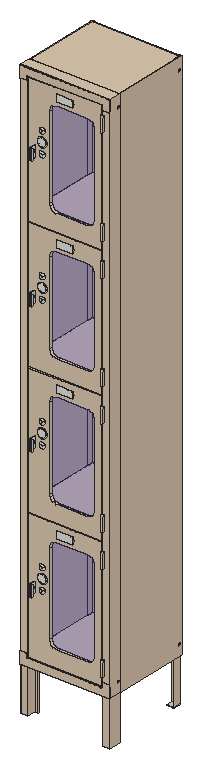
Revit family "Metal_Lockers-Salsbury_Industries-S_64000_Series-1_Wide_Units", category Specialty Equipment, Revit 2016 (continued)
Definition of nested family "Metal Locker Front Filler"
  Automatic sketch dimensions
    plane 7 "Right Side of Filler" to Extrusion 4 sketch curve = 1.70524"
    plane 7 "Right Side of Filler" to Extrusion 4 sketch curve = 0.77824"
Definition of nested family "Metal Locker Flat Top Filler"
  Parameters (values of type "77842 - for 12" Deep Lockers (15" W)")
    Width = 16.250"
    Visible = yes
    Version = "1.0 (11/30/15)"
    Type Comments = "Flat Top Filler for Standard Metal Lockers"
    Primary Structure Material = none
    Model = "77842"
    MasterFormat Title = ""
    MasterFormat Number = ""
    Manufacturer = "Salsbury Industries"
    Height = 1.003"
    Description = "15\"W Flat Top In-Line Filler"
    Depth = 12.118"
    Assembly Code = ""
  Types (7): name | Width | Visible | Model | Depth
    77842 - for 12" Deep Lockers (15" W) | 16.250" | yes | "77842" | 12.118"
    77842 - for 12" Deep Lockers (9" W) | 10.250" | yes | "77842" | 12.118"
    77845 - for 15" Deep Lockers (15" W) | 16.250" | yes | "77845" | 15.118"
    77845 - for 15" Deep Lockers (9" W) | 10.250" | yes | "77845" | 15.118"
    77848 - for 18" Deep Lockers (15" W) | 16.250" | yes | "77848" | 18.118"
    77848 - for 18" Deep Lockers (9" W) | 10.250" | yes | "77848" | 18.118"
    None | 16.250" | no | "" | 12.118"
  Reference planes (in)
    plane 1 "Center (Front/Back)": y = -2.167
    plane 2: z = 0
    plane 3 "Center (Left/Right)": x = -4.595
    plane 4 "Bottom of Panel": z = 0
    plane 5 "Top of Panel": z = 1.003
    plane 6 "Front of Panel": y = -8.226
    plane 7 "Right Side of Enclosure": x = 3.53
    plane 8 "Left Side of Enclosure": x = -12.72
    plane 9 "Back of Panel": y = 3.892
    plane 10: z = 0.5015
  Forms (in)
    Extrusion 1, solid, material <- "Primary Structure Material", visible <- "Visible"
      sketch origin (-4.595, 0, 0) x (0, 1, 0) y (0, 0, 1)
        loop
          line (-8.226, 0) -> (-8.178, 0) -> (-8.178, 0.955) -> (3.892, 0.955) -> (3.892, 1.003) -> (-8.226, 1.003) -> (-8.226, 0)
      from -8.125 to 8.125
  Dimensions and locks (in)
    equal spacing: plane 6 "Front of Panel", plane 1 "Center (Front/Back)", plane 9 "Back of Panel"
    "Depth": plane 6 "Front of Panel" to plane 9 "Back of Panel"
    equal spacing: plane 8 "Left Side of Enclosure", plane 3 "Center (Left/Right)", plane 7 "Right Side of Enclosure"
    "Width": plane 8 "Left Side of Enclosure" to plane 7 "Right Side of Enclosure"
    equal spacing: plane 5 "Top of Panel", plane 10, plane 2
    "Height": plane 5 "Top of Panel" to plane 2
    aligned and locked: level to plane 2
    aligned and locked: Extrusion 1 to plane 7 "Right Side of Enclosure"
    aligned and locked: plane 8 "Left Side of Enclosure" to Extrusion 1
    aligned and locked: plane 6 "Front of Panel" to Extrusion 1
    aligned and locked: Extrusion 1 to plane 9 "Back of Panel"
  Automatic sketch dimensions
    plane 5 "Top of Panel" to Extrusion 1 sketch curve = 0.000"
    Extrusion 1 sketch curve to plane 6 "Front of Panel" = 0.000"
    Extrusion 1 sketch curve to level = 0.000"
    Extrusion 1 sketch curve to plane 9 "Back of Panel" = 0.000"
    Extrusion 1 sketch curve to plane 6 "Front of Panel" = 0.048"
    plane 5 "Top of Panel" to Extrusion 1 sketch curve = 0.048"
Definition of nested family "Metal Locker Flat Corner Filler"
  Parameters (values of type "77832 - for 12" Deep Lockers")
    Width = 12.625"
    Visible = yes
    Version = "1.0 (11/30/15)"
    Type Comments = "Flat Top Corner Filler for Standard Metal Lockers"
    Primary Structure Material = none
    Model = "77832"
    MasterFormat Title = ""
    MasterFormat Number = ""
    Manufacturer = "Salsbury Industries"
    Height = 0.048"
    Description = "12\"W Flat Top Corner Filler"
    Depth = 12.625"
    Assembly Code = ""
  Types (4): name | Width | Visible | Model | Description | Depth
    77832 - for 12" Deep Lockers | 12.625" | yes | "77832" | "12\"W Flat Top Corner Filler" | 12.625"
    77835 - for 15" Deep Lockers | 15.625" | yes | "77835" | "15\"W Flat Top Corner Filler" | 15.625"
    77838 - for 18" Deep Lockers | 18.625" | yes | "77838" | "18\"W Flat Top Corner Filler" | 18.625"
    None | 12.625" | no | "" | "" | 12.625"
  Reference planes (in)
    plane 1 "Center (Front/Back)": y = -2.167
    plane 2: z = 0
    plane 3 "Center (Left/Right)": x = -4.595
    plane 4 "Bottom of Panel": z = 0
    plane 5 "Top of Panel": z = 0.048
    plane 6 "Front of Panel": y = -8.4795
    plane 7 "Right Side of Enclosure": x = 1.7175
    plane 8 "Left Side of Enclosure": x = -10.9075
    plane 9 "Back of Panel": y = 4.1455
    plane 10: z = 0.024
  Forms (in)
    Extrusion 1, solid, material <- "Primary Structure Material", visible <- "Visible"
      sketch origin (0, 0, 0) x (0, -1, 0) y (1, 0, 0)
        loop
          line (7.8545, -10.9075) -> (7.8545, -10.2825) -> (8.4795, -10.2825) -> (8.4795, 1.7175) -> (-4.1455, 1.7175) -> (-4.1455, -10.9075) -> (7.8545, -10.9075)
      from 0 to 0.048
  Dimensions and locks (in)
    equal spacing: plane 6 "Front of Panel", plane 1 "Center (Front/Back)", plane 9 "Back of Panel"
    "Depth": plane 6 "Front of Panel" to plane 9 "Back of Panel"
    equal spacing: plane 8 "Left Side of Enclosure", plane 3 "Center (Left/Right)", plane 7 "Right Side of Enclosure"
    "Width": plane 8 "Left Side of Enclosure" to plane 7 "Right Side of Enclosure"
    equal spacing: plane 5 "Top of Panel", plane 10, plane 2
    "Height": plane 5 "Top of Panel" to plane 2
    aligned and locked: level to plane 2
    aligned and locked: Extrusion 1 to plane 9 "Back of Panel"
    aligned and locked: plane 6 "Front of Panel" to Extrusion 1
    aligned and locked: Extrusion 1 to plane 7 "Right Side of Enclosure"
    aligned and locked: plane 8 "Left Side of Enclosure" to Extrusion 1
  Automatic sketch dimensions
    Extrusion 1 sketch curve to plane 8 "Left Side of Enclosure" = 0.000"
    plane 9 "Back of Panel" to Extrusion 1 sketch curve = 0.000"
    plane 6 "Front of Panel" to Extrusion 1 sketch curve = 0.000"
    Extrusion 1 sketch curve to plane 7 "Right Side of Enclosure" = 0.000"
    Extrusion 1 sketch curve to plane 8 "Left Side of Enclosure" = 0.625"
    Extrusion 1 sketch curve to plane 6 "Front of Panel" = 0.625"
Definition of nested family "Metal Locker Sloping Hood"
  Parameters (values of type "77752 - for 12" Deep Lockers (1 Wide)")
    Width = 12.040"
    Visible = yes
    Version = "1.0 (11/30/15)"
    Type Comments = "Sloping Hood for Standard Metal Lockers"
    Slope Angle = 28.761°
    Primary Structure Material = none
    Model = "77752"
    MasterFormat Title = ""
    MasterFormat Number = ""
    Manufacturer = "Salsbury Industries"
    Height = 6.625"
    Dividing Lines = no
    Description = "12\" Deep for up to (3) 12\" Wide Lockers"
    Depth = 12.070"
    Assembly Code = ""
  Types (12): name | Width | Visible | Slope Angle | Model | Height | Dividing Lines | Description | Depth
    77752 - for 12" Deep Lockers (1 Wide) | 12.040" | yes | 28.761° | "77752" | 6.625" | no | "12\" Deep for up to (3) 12\" Wide Lockers" | 12.070"
    77752 - for 12" Deep Lockers (3 Wide) | 36.040" | yes | 28.761° | "77752" | 6.625" | yes | "12\" Deep for up to (3) 12\" Wide Lockers" | 12.070"
    77755 - for 15" Deep Lockers (1 Wide) | 12.040" | yes | 29.946° | "77755" | 8.682" | no | "15\" Deep for up to (3) 12\" Wide Lockers" | 15.070"
    77755 - for 15" Deep Lockers (3 Wide) | 36.040" | yes | 29.946° | "77755" | 8.628" | yes | "15\" Deep for up to (3) 12\" Wide Lockers" | 15.070"
    77758 - for 18" Deep Lockers (1 Wide) | 12.040" | yes | 30.723° | "77758" | 10.739" | no | "18\" Deep for up to (3) 12\" Wide Lockers" | 18.070"
    77758 - for 18" Deep Lockers (3 Wide) | 36.040" | yes | 30.723° | "77758" | 10.739" | yes | "18\" Deep for up to (3) 12\" Wide Lockers" | 18.070"
    None | 12.000" | no | 28.761° | "" | 6.625" | no | "" | 12.070"
    77765 - for 15" Deep Lockers (1 Wide) | 15.040" | yes | 29.946° | "77752" | 6.625" | no | "12\" Deep for up to (3) 12\" Wide Lockers" | 15.070"
    77768 - for 18" Deep Lockers (1 Wide) | 15.040" | yes | 30.723° | "77752" | 6.625" | no | "12\" Deep for up to (3) 12\" Wide Lockers" | 18.070"
    77765 - for 15" Deep Lockers (3 Wide) | 45.040" | yes | 29.946° | "77752" | 6.625" | yes | "12\" Deep for up to (3) 12\" Wide Lockers" | 15.070"
    77768 - for 18" Deep Lockers (3 Wide) | 45.040" | yes | 30.723° | "77752" | 6.625" | yes | "12\" Deep for up to (3) 12\" Wide Lockers" | 18.070"
    77759 - for 18" Deep Bridge Lockers | 72.040" | yes | 30.723° | "77752" | 6.625" | no | "12\" Deep for up to (3) 12\" Wide Lockers" | 18.070"
  Reference planes (in)
    plane 1 "Center (Front/Back)": y = -2.167
    plane 2: z = 0
    plane 3 "Center (Left/Right)": x = -4.595
    plane 4 "Bottom of Panel": z = 0
    plane 5 "Top of Panel": z = 6.625
    plane 6 "Front of Panel": y = -8.202
    plane 7 "Right Side of Enclosure": x = 1.425
    plane 8 "Left Side of Enclosure": x = -10.615
    plane 9 "Back of Panel": y = 3.868
    plane 10: z = 3.3125
    plane 11: through (0, -7.81601, 0.21186) normal (0, -0.4812, 0.8766)
    plane 12: through (0, -7.94397, 0.10626) normal (0, -0.4812, 0.8766)
    plane 13: y = 3.837
    plane 14: y = 3.806
    plane 15: y = 3.775
    plane 16: y = 3.37433
    plane 17 "Divider 1": x = -6.60167
    plane 18 "Divider 2": x = -2.58833
  Forms (in)
    Extrusion 1, solid, material <- "Primary Structure Material", visible <- "Visible"
      sketch origin (1.425, 0, 0) x (0, 0, -1) y (0, -1, 0)
        loop
          line (-6.62484, -3.868) -> (0, -3.868) -> (0, 8.202) -> (-6.62484, -3.868)
      from 0 to 0.031
    Extrusion 2, solid, material <- "Primary Structure Material", visible <- "Visible"
      sketch origin (1.425, 0, 0) x (0, 0, -1) y (0, -1, 0)
        loop
          line (0, -3.868) -> (0, -3.837) -> (-6.60783, -3.837) -> (-6.62484, -3.868) -> (0, -3.868)
      from 0.03098 to 0.40598
    Extrusion 3, solid, material <- "Primary Structure Material", visible <- "Visible"
      sketch origin (1.425, 0, 0) x (0, 0, -1) y (0, -1, 0)
        loop
          line (0, -3.837) -> (0, 8.13757) -> (-0.031, 8.08109) -> (-0.031, -3.837) -> (0, -3.837)
      from 0.031 to 0.80198
    Extrusion 4, solid, material <- "Primary Structure Material", visible <- "Visible"
      sketch origin (-10.615, 0, 0) x (0, 0, -1) y (0, -1, 0)
        loop
          line (-6.62484, -3.868) -> (0, -3.868) -> (0, 8.202) -> (-6.62484, -3.868)
      from 0 to -0.031
    Extrusion 5, solid, material <- "Primary Structure Material", visible <- "Visible"
      sketch origin (-10.615, 0, 0) x (0, 0, -1) y (0, -1, 0)
        loop
          line (0, -3.868) -> (0, -3.837) -> (-6.60783, -3.837) -> (-6.62484, -3.868) -> (0, -3.868)
      from -0.031 to -0.406
    Extrusion 6, solid, material <- "Primary Structure Material", visible <- "Visible"
      sketch origin (-10.615, 0, 0) x (0, 0, -1) y (0, -1, 0)
        loop
          line (0, -3.837) -> (0, 8.13757) -> (-0.031, 8.08109) -> (-0.031, -3.837) -> (0, -3.837)
      from -0.031 to -0.802
    Extrusion 7, solid, material <- "Primary Structure Material", visible <- "Visible"
      sketch origin (-4.595, 0, 0) x (0, 1, 0) y (0, 0, 1)
        loop
          line (3.837, 6.60783) -> (-8.202, 0) -> (-7.84238, 0) -> (-7.84238, 0.031) -> (-8.08109, 0.031) -> (3.806, 6.55545) -> (3.806, 6.21809) -> (3.837, 6.21809) -> (3.837, 6.60783)
      from -5.989 to 5.989
    Extrusion 8, solid, material <- "Primary Structure Material", visible <- "Visible"
      sketch origin (-4.595, -0.031, 0) x (0, 1, 0) y (0, 0, 1)
        loop
          line (3.837, 0.031) -> (3.837, 6.55545) -> (3.806, 6.53844) -> (3.806, 0.031) -> (3.837, 0.031)
      from -5.989 to 5.989
    Extrusion 9, solid, material <- "Primary Structure Material", visible <- "Visible"
      sketch origin (0, -0.031, 0) x (0, -1, 0) y (1, 0, 0)
        loop
          line (-3.806, -9.75653) -> (-3.40533, -9.75653) -> (-3.40533, 0.56919) -> (-3.806, 0.56919) -> (-3.806, -9.75653)
      from 0.031 to 0.06464
  Lines and regions (in)
    model lines, visible <- "Dividing Lines"
      curve 1: line (-6.60167, -8.21456, -0.0069) -> (-6.60167, 3.868, 6.62484)
      curve 2: line (-2.58833, -8.21456, -0.0069) -> (-2.58833, 3.868, 6.62484)
  Dimensions and locks (in)
    equal spacing: plane 6 "Front of Panel", plane 1 "Center (Front/Back)", plane 9 "Back of Panel"
    "Depth": plane 6 "Front of Panel" to plane 9 "Back of Panel"
    equal spacing: plane 8 "Left Side of Enclosure", plane 17 "Divider 1", plane 18 "Divider 2", plane 7 "Right Side of Enclosure"
    "Width": plane 8 "Left Side of Enclosure" to plane 7 "Right Side of Enclosure"
    equal spacing: plane 5 "Top of Panel", plane 10, plane 2
    "Height": plane 5 "Top of Panel" to plane 2
    locked: plane 11 to plane 12 at 0.031
    plane 16 to plane 15 to plane 14 to plane 13 to plane 9 "Back of Panel" = 0.40067", 0.031", 0.031", 0.031"
    equal spacing: plane 8 "Left Side of Enclosure", plane 3 "Center (Left/Right)", plane 7 "Right Side of Enclosure"
    "Slope Angle": angle plane 4 "Bottom of Panel" to plane 11
    aligned and locked: level to plane 2
    aligned and locked: Extrusion 1 to plane 9 "Back of Panel"
    aligned and locked: plane 4 "Bottom of Panel" to Extrusion 1
    aligned and locked: Extrusion 7 to Extrusion 1
    aligned and locked: Extrusion 7 to Extrusion 4
    aligned and locked: Extrusion 7 to Extrusion 8  (x2)
    aligned and locked: plane 11 to Extrusion 7 sketch curve
    aligned and locked: plane 12 to Extrusion 7 sketch curve
    aligned and locked: plane 12 to Extrusion 8 sketch curve
    aligned and locked: Extrusion 4 sketch curve to plane 11
    aligned and locked: Extrusion 1 sketch curve to plane 11
    aligned and locked: Extrusion 3 sketch curve to plane 12
    aligned and locked: Extrusion 6 sketch curve to plane 12
    aligned and locked: plane 13 to Extrusion 7
    aligned and locked: plane 14 to Extrusion 8
    aligned and locked: plane 15 to Extrusion 8
    aligned and locked: plane 16 to Extrusion 9
    aligned and locked: plane 13 to Extrusion 7 sketch curve
    aligned and locked: Extrusion 7 sketch curve to plane 14
    aligned and locked: plane 13 to Extrusion 2 sketch curve
    aligned and locked: plane 11 to Extrusion 2 sketch curve
    aligned and locked: plane 13 to Extrusion 5 sketch curve
    aligned and locked: plane 11 to Extrusion 5 sketch curve
    aligned and locked: curve 2 to plane 18 "Divider 2"
    aligned and locked: curve 1 to plane 17 "Divider 1"
  Automatic sketch dimensions
    Extrusion 7 sketch curve to level = 0.000"
    level to Extrusion 7 sketch curve = 0.031"
    Extrusion 7 sketch curve to Extrusion 7 sketch curve = 0.23871"
    Extrusion 7 sketch curve to Extrusion 7 sketch curve = 0.33736"
    Extrusion 1 sketch curve to plane 9 "Back of Panel" = 0.000"
    Extrusion 1 sketch curve to level = 0.000"
    Extrusion 2 sketch curve to plane 9 "Back of Panel" = 0.000"
    Extrusion 2 sketch curve to level = 0.000"
    Extrusion 3 sketch curve to plane 13 = 0.000"
    Extrusion 3 sketch curve to level = 0.000"
    level to Extrusion 3 sketch curve = 0.031"
    Extrusion 4 sketch curve to plane 9 "Back of Panel" = 0.000"
    Extrusion 4 sketch curve to level = 0.000"
    Extrusion 5 sketch curve to plane 9 "Back of Panel" = 0.000"
    Extrusion 5 sketch curve to level = 0.000"
    Extrusion 6 sketch curve to plane 13 = 0.000"
    Extrusion 6 sketch curve to level = 0.000"
    Extrusion 6 sketch curve to Extrusion 6 sketch curve = 0.031"
    Extrusion 8 sketch curve to plane 15 = 0.000"
    Extrusion 8 sketch curve to plane 14 = 0.000"
    level to Extrusion 8 sketch curve = 0.031"
    plane 15 to Extrusion 9 sketch curve = 0.000"
    plane 16 to Extrusion 9 sketch curve = 0.000"
    Extrusion 9 sketch curve to plane 8 "Left Side of Enclosure" = 0.85847"
    plane 7 "Right Side of Enclosure" to Extrusion 9 sketch curve = 0.85581"
    curve 1 to plane 9 "Back of Panel" = 0.000"
    plane 11 to curve 1 = 0.000"
    curve 1 to plane 11 = 0.000"
    curve 1 to level = 0.0069"
    curve 2 to plane 9 "Back of Panel" = 0.000"
    plane 11 to curve 2 = 0.000"
    curve 2 to plane 11 = 0.000"
    curve 2 to level = 0.0069"
Definition of nested family "Metal Locker Sloping Top Filler"
  Parameters (values of type "77882 - for 12" Deep Lockers (15" W)")
    Width = 16.250"
    Visible = yes
    Version = "1.0 (11/30/15)"
    Type Comments = "Sloping Hood In-Line Filler for Standard Metal Lockers"
    Slope Angle = 28.761°
    Primary Structure Material = none
    Model = "77882"
    MasterFormat Title = ""
    MasterFormat Number = ""
    Manufacturer = "Salsbury Industries"
    Height = 1.003"
    Description = "15\"W Sloping Hood In-Line Filler"
    Depth = 12.118"
    Assembly Code = ""
  Types (7): name | Width | Visible | Type Comments | Slope Angle | Model | Description | Depth
    77882 - for 12" Deep Lockers (15" W) | 16.250" | yes | "Sloping Hood In-Line Filler for Standard Metal Lockers" | 28.761° | "77882" | "15\"W Sloping Hood In-Line Filler" | 12.118"
    77882 - for 12" Deep Lockers (9" W) | 10.250" | yes | "Sloping Hood In-Line Filler for Standard Metal Lockers" | 28.761° | "77882" | "15\"W Sloping Hood In-Line Filler" | 12.118"
    77885 - for 15" Deep Lockers (15" W) | 16.250" | yes | "Sloping Hood In-Line Filler for Standard Metal Lockers" | 29.946° | "77885" | "15\"W Sloping Hood In-Line Filler" | 15.118"
    77885 - for 15" Deep Lockers (9" W) | 10.250" | yes | "Sloping Hood In-Line Filler for Standard Metal Lockers" | 29.946° | "77885" | "15\"W Sloping Hood In-Line Filler" | 15.118"
    77888 - for 18" Deep Lockers (15" W) | 16.250" | yes | "Sloping Hood In-Line Filler for Standard Metal Lockers" | 30.723° | "77888" | "15\"W Sloping Hood In-Line Filler" | 18.118"
    77888 - for 18" Deep Lockers (9" W) | 10.250" | yes | "Sloping Hood In-Line Filler for Standard Metal Lockers" | 30.723° | "77888" | "15\"W Sloping Hood In-Line Filler" | 18.118"
    None | 16.250" | no | "Sloping Hood for Standard Metal Lockers" | 28.761° | "" | "" | 12.118"
  Reference planes (in)
    plane 1 "Center (Front/Back)": y = -2.167
    plane 2: z = 0
    plane 3 "Center (Left/Right)": x = -4.595
    plane 4 "Bottom of Panel": z = 0
    plane 5 "Top of Panel": z = 1.003
    plane 6 "Front of Panel": y = -8.226
    plane 7 "Right Side of Enclosure": x = 3.53
    plane 8 "Left Side of Enclosure": x = -12.72
    plane 9 "Back of Panel": y = 3.892
    plane 10: z = 0.5015
    plane 11: through (0, -7.6072, 0.33964) normal (0, -0.4812, 0.8766)
    plane 12: through (0, -7.72698, 0.21914) normal (0, -0.4812, 0.8766)
  Forms (in)
    Extrusion 1, solid, material <- "Primary Structure Material", visible <- "Visible"
      sketch origin (-4.595, 0, 0) x (0, 1, 0) y (0, 0, 1)
        loop
          line (3.892, 6.65119) -> (-8.226, 0) -> (-8.226, -1.028) -> (-8.178, -1.028) -> (-8.178, -0.02841) -> (3.892, 6.59643) -> (3.892, 6.65119)
      from -8.125 to 8.125
  Dimensions and locks (in)
    equal spacing: plane 6 "Front of Panel", plane 1 "Center (Front/Back)", plane 9 "Back of Panel"
    "Depth": plane 6 "Front of Panel" to plane 9 "Back of Panel"
    equal spacing: plane 8 "Left Side of Enclosure", plane 3 "Center (Left/Right)", plane 7 "Right Side of Enclosure"
    "Width": plane 8 "Left Side of Enclosure" to plane 7 "Right Side of Enclosure"
    equal spacing: plane 5 "Top of Panel", plane 10, plane 2
    "Height": plane 5 "Top of Panel" to plane 2
    locked: plane 11 to plane 12 at 0.048
    "Slope Angle": angle plane 4 "Bottom of Panel" to plane 11
    aligned and locked: level to plane 2
    aligned and locked: plane 11 to Extrusion 1 sketch curve
    aligned and locked: plane 12 to Extrusion 1 sketch curve
    aligned and locked: Extrusion 1 to plane 7 "Right Side of Enclosure"
    aligned and locked: plane 8 "Left Side of Enclosure" to Extrusion 1
  Automatic sketch dimensions
    Extrusion 1 sketch curve to plane 6 "Front of Panel" = 0.000"
    Extrusion 1 sketch curve to Extrusion 1 sketch curve = 0.99959"
    Extrusion 1 sketch curve to level = 0.02841"
    Extrusion 1 sketch curve to plane 9 "Back of Panel" = 0.000"
Definition of nested family "Metal Locker Sloping Corner Filler"
  Parameters (values of type "77872 - for 12" Deep Lockers")
    Width = 12.695"
    Visible = yes
    Version = "1.0 (11/30/15)"
    Type Comments = "Sloping Hood Corner Filler for Standard Metal Lockers"
    Slope Angle 2 = 28.761°
    Slope Angle 1 = 28.761°
    Primary Structure Material = none
    Model = "77872"
    MasterFormat Title = ""
    MasterFormat Number = ""
    Manufacturer = "Salsbury Industries"
    Height = 6.87897"
    Description = "12\"D Sloping Hood Corner Filler"
    Depth = 12.695"
    Assembly Code = ""
  Types (4): name | Width | Visible | Slope Angle 2 | Slope Angle 1 | Model | Description | Depth
    77872 - for 12" Deep Lockers | 12.695" | yes | 28.761° | 28.761° | "77872" | "12\"D Sloping Hood Corner Filler" | 12.695"
    77875 - for 15" Deep Lockers | 15.695" | yes | 29.946° | 29.946° | "77875" | "15\"D Sloping Hood Corner Filler" | 15.695"
    77878 - for 18" Deep Lockers | 18.695" | yes | 30.723° | 30.723° | "77878" | "18\"D Sloping Hood Corner Filler" | 18.695"
    None | 12.695" | no | 28.723° | 28.723° | "" | "" | 12.695"
  Reference planes (in)
    plane 1 "Center (Front/Back)": y = -2.167
    plane 2: z = 0
    plane 3 "Center (Left/Right)": x = -4.595
    plane 4 "Bottom of Panel": z = 0
    plane 5 "Top of Panel": z = 6.87897
    plane 6 "Front of Panel": y = -8.5145
    plane 7 "Right Side of Enclosure": x = 1.7525
    plane 8 "Left Side of Enclosure": x = -10.9425
    plane 9 "Back of Panel": y = 4.1805
    plane 10 "Center Top/Bottom": z = 3.43948
    plane 11 "Slope 1": through (0, -7.42276, 0.59922) normal (0, -0.4812, 0.8766)
    plane 12: through (0, -7.54254, 0.47872) normal (0, -0.4812, 0.8766)
    plane 13 "Diagonal Plane": through (-10.86131, 4.09969, 48) normal (0.7071, 0.7071, 0)
    plane 14 "Cutout Plane 1": y = -7.8895
    plane 15 "Cutout Plane 2": x = 1.1275
    plane 16 "Slope 2": through (1.43902, -180, 0.17206) normal (-0.4812, 0, -0.8766)
    plane 17: through (5.04554, -180, -1.86199) normal (-0.4812, 0, -0.8766)
  Forms (in)
    Extrusion 1, solid, material <- "Primary Structure Material", visible <- "Visible"
      sketch origin (-4.595, 0, 0) x (0, 1, 0) y (0, 0, 1)
        loop
          line (-7.8895, 0.28829) -> (4.1805, 6.91313) -> (4.1805, 6.96789) -> (-7.8895, 0.34304) -> (-7.8895, 0.28829)
      from -6.3475 to 6.3475
    Extrusion 2, void
      sketch origin (0, 0, 3.43948) x (1, 0, 0) y (0, 1, 0)
        loop
          line (1.75288, -8.5145) -> (-10.9425, 4.18088) -> (-10.9425, -8.5145) -> (1.75288, -8.5145)
      from -3.43948 to 8.2673
    Extrusion 3, solid, material <- "Primary Structure Material", visible <- "Visible"
      sketch origin (0, -2.167, 0) x (1, 0, 0) y (0, 0, 1)
        loop
          line (1.1275, 0.2885) -> (1.1275, 0.34304) -> (-10.9425, 6.96789) -> (-10.9425, 6.91334) -> (1.1275, 0.2885)
      from -6.3475 to 6.3475
    Extrusion 4, void
      sketch origin (-4.595, 0, 0) x (0, 1, 0) y (0, 0, 1)
        loop
          line (4.1805, 0) -> (4.1805, 6.91313) -> (-8.41474, 0) -> (4.1805, 0)
      from -6.3475 to 6.3475
    Extrusion 5, solid, not visible
      sketch origin (1.1275, 0, 0) x (0, -1, 0) y (0, 0, 1)
        loop
          line (8.60982, 0.2885) -> (7.8895, 0.2885) -> (7.8895, 0) -> (8.60982, 0) -> (8.60982, 0.2885)
      from -0.72026 to 0
  Cuts and joins
    Extrusion 2, Extrusion 4 cuts Extrusion 1
    Extrusion 4 cuts Extrusion 3
  Dimensions and locks (in)
    equal spacing: plane 6 "Front of Panel", plane 1 "Center (Front/Back)", plane 9 "Back of Panel"
    "Depth": plane 6 "Front of Panel" to plane 9 "Back of Panel"
    equal spacing: plane 8 "Left Side of Enclosure", plane 3 "Center (Left/Right)", plane 7 "Right Side of Enclosure"
    "Width": plane 8 "Left Side of Enclosure" to plane 7 "Right Side of Enclosure"
    equal spacing: plane 5 "Top of Panel", plane 10 "Center Top/Bottom", plane 2
    "Height": plane 5 "Top of Panel" to plane 2
    locked: plane 11 "Slope 1" to plane 12 at 0.048
    locked: plane 15 "Cutout Plane 2" to plane 7 "Right Side of Enclosure" at 0.625
    locked: plane 6 "Front of Panel" to plane 14 "Cutout Plane 1" at 0.625
    locked: plane 17 to plane 16 "Slope 2" at 0.04782
    "Slope Angle 1": angle plane 4 "Bottom of Panel" to plane 11 "Slope 1"
    "Slope Angle 2": angle plane 16 "Slope 2" to plane 4 "Bottom of Panel"
    aligned and locked: level to plane 2
    aligned and locked: Extrusion 1 sketch curve to plane 14 "Cutout Plane 1"
    aligned and locked: plane 9 "Back of Panel" to Extrusion 1 sketch curve
    aligned and locked: Extrusion 1 sketch curve to plane 11 "Slope 1"
    aligned and locked: plane 12 to Extrusion 1 sketch curve
    aligned and locked: plane 8 "Left Side of Enclosure" to Extrusion 1
    aligned and locked: Extrusion 1 to plane 7 "Right Side of Enclosure"
    aligned and locked: plane 6 "Front of Panel" to Extrusion 2 sketch curve
    aligned and locked: plane 8 "Left Side of Enclosure" to Extrusion 2 sketch curve
    aligned and locked: plane 13 "Diagonal Plane" to Extrusion 2 sketch curve
    aligned and locked: plane 4 "Bottom of Panel" to cut or joined group of Extrusion 1, Extrusion 2, Extrusion 4
    aligned and locked: Extrusion 4 sketch curve to level
    aligned and locked: Extrusion 4 sketch curve to plane 9 "Back of Panel"
    aligned and locked: plane 12 to Extrusion 4 sketch curve
    aligned and locked: Extrusion 4 to plane 7 "Right Side of Enclosure"
    aligned and locked: plane 8 "Left Side of Enclosure" to Extrusion 4
    aligned and locked: cut or joined group of Extrusion 3, Extrusion 4 to plane 15 "Cutout Plane 2"
    aligned and locked: plane 6 "Front of Panel" to cut or joined group of Extrusion 3, Extrusion 4
    aligned and locked: cut or joined group of Extrusion 3, Extrusion 4 to plane 9 "Back of Panel"
    aligned and locked: Extrusion 3 sketch curve to plane 15 "Cutout Plane 2"
    aligned and locked: Extrusion 3 sketch curve to plane 16 "Slope 2"
    aligned and locked: plane 8 "Left Side of Enclosure" to Extrusion 3 sketch curve
    aligned and locked: plane 17 to Extrusion 3 sketch curve
  Automatic sketch dimensions
    Extrusion 5 sketch curve to plane 14 "Cutout Plane 1" = 0.000"
    Extrusion 5 sketch curve to level = 0.000"
    plane 6 "Front of Panel" to Extrusion 5 sketch curve = 0.09532"
    Extrusion 5 sketch curve to Extrusion 5 sketch curve = 0.2885"
Types (19): name | Zee Base | Unit Height including Sloping Hood Only | Unit Height | Type Comments | Total Door(s) Height | Sloping Hood Height | Unit Height including Base Only | Overall Unit Height (including Base and Sloping Hood) | Model | Individual Door Height | Door Window Height | Door Location D1 | Description | Depth | Compartment Divider Height | Base Height | Standard Leg Base
  (no name) | Metal Locker Zee Base : None | 78.625" | 72.000" | "See-Through Metal Locker - Four Tier" | 69.81949" | 6.625" | 78.000" | 84.625" | "S-64162" | 17.360" | 13.000" | See-Through Metal Locker Doors-12 inch with Latch Hasps : Four Tier Door - 6 foot | "1 Wide - 6 Feet High - 12 Inches Deep" | 12.010" | 16.985" | 6.000" | Metal Locker Legs : 6" High - 12" W x 12" D
  S-64162 - with Standard 6" High Legs | Metal Locker Zee Base : None | 78.625" | 72.000" | "See-Through Metal Locker - Four Tier" | 69.81949" | 6.625" | 78.000" | 84.625" | "S-64162" | 17.360" | 13.000" | See-Through Metal Locker Doors-12 inch with Latch Hasps : Four Tier Door - 6 foot | "1 Wide - 6 Feet High - 12 Inches Deep" | 12.010" | 16.985" | 6.000" | Metal Locker Legs : 6" High - 12" W x 12" D
  S-64165 - with Standard 6" High Legs | Metal Locker Zee Base : None | 80.682" | 72.000" | "See-Through Metal Locker - Four Tier" | 69.81949" | 8.682" | 78.000" | 86.682" | "S-64165" | 17.360" | 13.000" | See-Through Metal Locker Doors-12 inch with Latch Hasps : Four Tier Door - 6 foot | "1 Wide - 6 Feet High - 15 Inches Deep" | 15.010" | 16.985" | 6.000" | Metal Locker Legs : 6" High - 12" W x 15" D
  S-64168 - with Standard 6" High Legs | Metal Locker Zee Base : None | 82.739" | 72.000" | "See-Through Metal Locker - Four Tier" | 69.81949" | 10.739" | 78.000" | 88.739" | "S-64168" | 17.360" | 13.000" | See-Through Metal Locker Doors-12 inch with Latch Hasps : Four Tier Door - 6 foot | "1 Wide - 6 Feet High - 18 Inches Deep" | 18.010" | 16.985" | 6.000" | Metal Locker Legs : 6" High - 12"W x 18"D
  S-64162 - with 77572 Zee Base and 77550 Lockers without Legs | Metal Locker Zee Base : 77572- 12" W x 12" D | 78.625" | 72.000" | "See-Through Metal Locker - Four Tier" | 69.81949" | 6.625" | 76.000" | 82.625" | "S-64162 with 77572 and 77550" | 17.360" | 13.000" | See-Through Metal Locker Doors-12 inch with Latch Hasps : Four Tier Door - 6 foot | "1 Wide - 6 Feet High - 12 Inches Deep with Zee Base and Lockers without Legs" | 12.010" | 16.985" | 4.000" | Metal Locker Legs : No Legs
  S-64165 - with 77575 Zee Base and 77550 Lockers without Legs | Metal Locker Zee Base : 77575 - 12" W x 15" D | 80.682" | 72.000" | "See-Through Metal Locker - Triple Tier" | 69.81949" | 8.682" | 76.000" | 84.682" | "S-64165 with 77575 and 77550" | 17.360" | 13.000" | See-Through Metal Locker Doors-12 inch with Latch Hasps : Four Tier Door - 6 foot | "1 Wide - 6 Feet High - 15 Inches Deep with Zee Base and Lockers without Legs" | 15.010" | 16.985" | 4.000" | Metal Locker Legs : No Legs
  S-64168 - with 77578 Zee Base and 77550 Lockers without Legs | Metal Locker Zee Base : 77578 - 12"W x 18"D | 82.739" | 72.000" | "See-Through Metal Locker - Four Tier" | 69.81949" | 10.739" | 76.000" | 86.739" | "S-64168 with 77578 and 77550" | 17.360" | 13.000" | See-Through Metal Locker Doors-12 inch with Latch Hasps : Four Tier Door - 6 foot | "1 Wide - 6 Feet High - 18 Inches Deep with Zee Base and Lockers without Legs" | 18.010" | 16.985" | 4.000" | Metal Locker Legs : No Legs
  S-64162 - with 77550 Lockers without Legs | Metal Locker Zee Base : None | 78.625" | 72.000" | "See-Through Metal Locker - Four Tier" | 69.81949" | 6.625" | 72.000" | 78.625" | "S-64162 with 77550" | 17.360" | 13.000" | See-Through Metal Locker Doors-12 inch with Latch Hasps : Four Tier Door - 6 foot | "1 Wide - 6 Feet High - 12 Inches Deep with Lockers without Legs" | 12.010" | 16.985" | 0.000" | Metal Locker Legs : No Legs
  S-64165 - with 77550 Lockers without Legs | Metal Locker Zee Base : None | 80.682" | 72.000" | "See-Through Metal Locker - Four Tier" | 69.81949" | 8.682" | 72.000" | 80.682" | "S-64165 with 77550" | 17.360" | 13.000" | See-Through Metal Locker Doors-12 inch with Latch Hasps : Four Tier Door - 6 foot | "1 Wide - 6 Feet High - 15 Inches Deep with Lockers without Legs" | 15.010" | 16.985" | 0.000" | Metal Locker Legs : No Legs
  S-64168 - with 77550 Lockers without Legs | Metal Locker Zee Base : None | 82.739" | 72.000" | "See-Through Metal Locker - Four Tier" | 69.81949" | 10.739" | 72.000" | 82.739" | "S-64168 with 77550" | 17.360" | 13.000" | See-Through Metal Locker Doors-12 inch with Latch Hasps : Four Tier Door - 6 foot | "1 Wide - 6 Feet High - 18 Inches Deep with Lockers without Legs" | 18.010" | 16.985" | 0.000" | Metal Locker Legs : No Legs
  S-64152 - with Standard 6" High Legs | Metal Locker Zee Base : None | 66.625" | 60.000" | "See-Through Metal Locker - Four Tier" | 57.81949" | 6.625" | 66.000" | 72.625" | "S-64152" | 14.360" | 10.000" | See-Through Metal Locker Doors-12 inch with Latch Hasps : Four Tier Door - 5 foot | "1 Wide - 5 Feet High - 12 Inches Deep" | 12.010" | 13.985" | 6.000" | Metal Locker Legs : 6" High - 12" W x 12" D
  S-64152 - with 77572 Zee Base and 77550 Lockers without Legs | Metal Locker Zee Base : 77572- 12" W x 12" D | 66.625" | 60.000" | "See-Through Metal Locker - Four Tier" | 57.81949" | 6.625" | 64.000" | 70.625" | "S-64152 with 77572 and 77550" | 14.360" | 10.000" | See-Through Metal Locker Doors-12 inch with Latch Hasps : Four Tier Door - 5 foot | "1 Wide - 5 Feet High - 12 Inches Deep with Zee Base and Lockers without Legs" | 12.010" | 13.985" | 4.000" | Metal Locker Legs : No Legs
  S-64152 - with 77550 Lockers without Legs | Metal Locker Zee Base : None | 66.625" | 60.000" | "See-Through Metal Locker - Four Tier" | 57.81949" | 6.625" | 60.000" | 66.625" | "S-64152 with 77550" | 14.360" | 10.000" | See-Through Metal Locker Doors-12 inch with Latch Hasps : Four Tier Door - 5 foot | "1 Wide - 5 Feet High - 12 Inches Deep with Lockers without Legs" | 12.010" | 13.985" | 0.000" | Metal Locker Legs : No Legs
  S-64155 - with Standard 6" High Legs | Metal Locker Zee Base : None | 68.682" | 60.000" | "See-Through Metal Locker - Four Tier" | 57.81949" | 8.682" | 66.000" | 74.682" | "S-64155" | 14.360" | 10.000" | See-Through Metal Locker Doors-12 inch with Latch Hasps : Four Tier Door - 5 foot | "1 Wide - 5 Feet High - 15 Inches Deep" | 15.010" | 13.985" | 6.000" | Metal Locker Legs : 6" High - 12" W x 15" D
  S-64155 - with 77575 Zee Base and 77550 Lockers without Legs | Metal Locker Zee Base : 77575 - 12" W x 15" D | 68.682" | 60.000" | "See-Through Metal Locker - Four Tier" | 57.81949" | 8.682" | 64.000" | 72.682" | "S-64155 with 77575 and 77550" | 14.360" | 10.000" | See-Through Metal Locker Doors-12 inch with Latch Hasps : Four Tier Door - 5 foot | "1 Wide - 5 Feet High - 15 Inches Deep with Zee Base and Lockers without Legs" | 15.010" | 13.985" | 4.000" | Metal Locker Legs : No Legs
  S-64155 - with 77550 Lockers without Legs | Metal Locker Zee Base : None | 68.682" | 60.000" | "See-Through Metal Locker - Four Tier" | 57.81949" | 8.682" | 60.000" | 68.682" | "S-64155 with 77550" | 14.360" | 10.000" | See-Through Metal Locker Doors-12 inch with Latch Hasps : Four Tier Door - 5 foot | "1 Wide - 5 Feet High - 15 Inches Deep with Lockers without Legs" | 15.010" | 13.985" | 0.000" | Metal Locker Legs : No Legs
  S-64158 - with Standard 6" High Legs | Metal Locker Zee Base : None | 70.739" | 60.000" | "See-Through Metal Locker - Four Tier" | 57.81949" | 10.739" | 66.000" | 76.739" | "S-64158" | 14.360" | 10.000" | See-Through Metal Locker Doors-12 inch with Latch Hasps : Four Tier Door - 5 foot | "1 Wide - 5 Feet High - 18 Inches Deep" | 18.010" | 13.985" | 6.000" | Metal Locker Legs : 6" High - 12"W x 18"D
  S-64158 - with 77578 Zee Base and 77550 Lockers without Legs | Metal Locker Zee Base : 77578 - 12"W x 18"D | 70.739" | 60.000" | "See-Through Metal Locker - Four Tier" | 57.81949" | 10.739" | 64.000" | 74.739" | "S-64158 with 77578 and 77550" | 14.360" | 10.000" | See-Through Metal Locker Doors-12 inch with Latch Hasps : Four Tier Door - 5 foot | "1 Wide - 5 Feet High - 18 Inches Deep with Zee Base and Lockers without Legs" | 18.010" | 13.985" | 4.000" | Metal Locker Legs : No Legs
  S-64158 - with 77550 Lockers without Legs | Metal Locker Zee Base : None | 70.739" | 60.000" | "See-Through Metal Locker - Four Tier" | 57.81949" | 10.739" | 60.000" | 70.739" | "S-64158 with 77550" | 14.360" | 10.000" | See-Through Metal Locker Doors-12 inch with Latch Hasps : Four Tier Door - 5 foot | "1 Wide - 5 Feet High - 18 Inches Deep with Lockers without Legs" | 18.010" | 13.985" | 0.000" | Metal Locker Legs : No Legs
